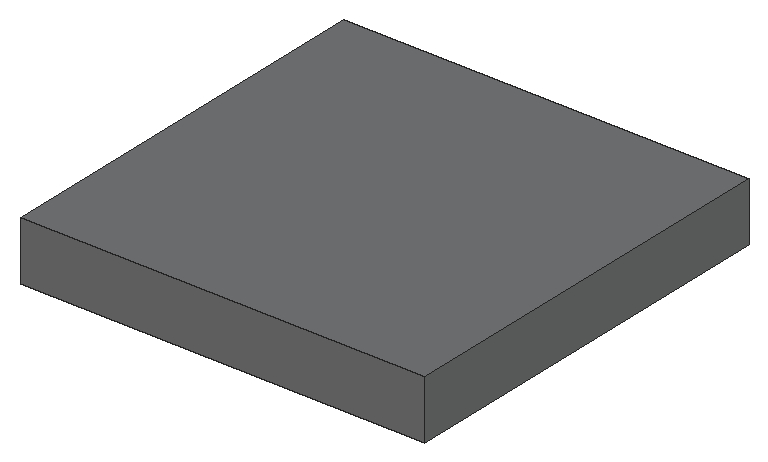
Revit family "Gira_0294600", category Electrical Fixtures, host Face, Revit 2017
Family settings
  Host = Face
  Maintain Annotation Orientation = No
  Round Connector Dimension = Use Diameter
  Part Type = Normal
  Cut with Voids When Loaded = No
  Shared = No
  Room Calculation Point = No
Parameters (values of type "Wippe 2f Pfeilsymbol System 55 Edelstahl")
  Werkstoffgüte = "sonstige"
  Werkstoff = "Kunststoff"
  Verwendung = "Jalousie"
  URL = "http://katalog.gira.de/de_DE/datenblatt.html?artikelnr=0294600"
  Region = "DE"
  Oberfläche = "sonstige"
  Name = "Wippe 2f Pfeilsymbol System 55 Edelstahl"
  Mit austauschbarer Linse/Symbol = "No"
  Mit Beschriftungsfeld = "No"
  Manufacturer URL = "https://www.gira.de/"
  Kontrollfenster/Lichtauslass = "No"
  Keynote = "Sys55_Abdeckung_Schalten und Tasten"
  HeinzeBIM = "https://bimportal.heinze.de/bim/wippe-2f-pfeilsymbol-system-55-edelstahl/4a39fe312246a12ede42ce007c7503050355f88a"
  Halogenfrei = "Yes"
  HAN = "0294600"
  Geeignet für Schutzart (IP) = "IP20"
  Geeignet für Bussystem-Tasterankopplung = "No"
  GTIN = "4010337021735"
  Farbe = "edelstahl"
  Default Elevation = 1219.2 mm
  Data sheet (1) = "https://katalog.gira.de/de_DE/download.html?artikelnr=0294600"
  Category = "Abdeckung/Bedienelement für Installationsschalterprogramme"
  Befestigungsart = "Klemmbefestigung"
  Available = "Yes"
  Ausführung = "zweiteilige Wippe"
  Aufdruck/Kennzeichnung = "diverse Symbole"
  Anthrazit [instance] = Anthrazit
  Abtastbares Symbol/barrierefrei = "No"
Reference planes
  plane 1 "Center (Front/Back)": y = 0
  plane 2: z = 0
  plane 3 "Center (Left/Right)": x = 0
Forms (mm)
  Extrusion 1, solid, material "Anthrazit" <- "Anthrazit", detail levels fine
    sketch origin (0, 0, 0) x (1, 0, 0) y (0, 1, 0)
      loop
        line (-27.5, 27.5) -> (-27.5, -27.5) -> (27.5, -27.5) -> (27.5, 27.5) -> (-27.5, 27.5)
    from 0 to 8
  Extrusion 2, void
    sketch origin (0, 0, 0) x (1, 0, 0) y (0, 1, 0)
      loop
        line (26, 26) -> (-26, 26) -> (-26, -26) -> (26, -26) -> (26, 26)
    from 0 to 6
  Extrusion 3, solid, material "Anthrazit" <- "Anthrazit", detail levels medium
    sketch origin (0, 0, 0) x (1, 0, 0) y (0, 1, 0)
      loop
        line (-27.5, 27.5) -> (-27.5, -27.5) -> (27.5, -27.5) -> (27.5, 27.5) -> (-27.5, 27.5)
    from 0 to 8
  Extrusion 4, solid, material "Anthrazit" <- "Anthrazit", detail levels medium
    sketch origin (0, 0, 0) x (1, 0, 0) y (0, 1, 0)
      loop
        line (11, -17.5) -> (11, 17.5) -> (-11, 17.5) -> (-11, -17.5) -> (11, -17.5)
    from -6 to 6
  Extrusion 5, solid, material "Anthrazit" <- "Anthrazit", detail levels fine
    sketch origin (0, 0, 0) x (1, 0, 0) y (0, 1, 0)
      loop
        line (11, 17.5) -> (-11, 17.5) -> (-11, 16.5) -> (11, 16.5) -> (11, 17.5)
      loop
        line (-11, -16.5) -> (-11, -17.5) -> (11, -17.5) -> (11, -16.5) -> (-11, -16.5)
    from -4 to 6
  Extrusion 6, solid, material "Anthrazit" <- "Anthrazit", detail levels fine
    sketch origin (0, 0, 0) x (1, 0, 0) y (0, 1, 0)
      loop
        arc (5, 9.347) -> (0, 10.6) -> (-5, 9.347) r 10.6
        line (-5, 9.347) -> (-5, -9.347)
        arc (-5, -9.347) -> (0, -10.6) -> (5, -9.347) r 10.6
        line (5, -9.347) -> (5, 9.347)
    from -6 to 6
  Extrusion 7, solid, material "Anthrazit" <- "Anthrazit", detail levels coarse
    sketch origin (0, 0, 0) x (1, 0, 0) y (0, 1, 0)
      loop
        line (-27.5, 27.5) -> (-27.5, -27.5) -> (27.5, -27.5) -> (27.5, 27.5) -> (-27.5, 27.5)
    from -6 to 8
Cuts and joins
  Extrusion 2 cuts Extrusion 1
Dimensions and locks
  aligned and locked: plane 2 to host face
  aligned and locked: level to host face
